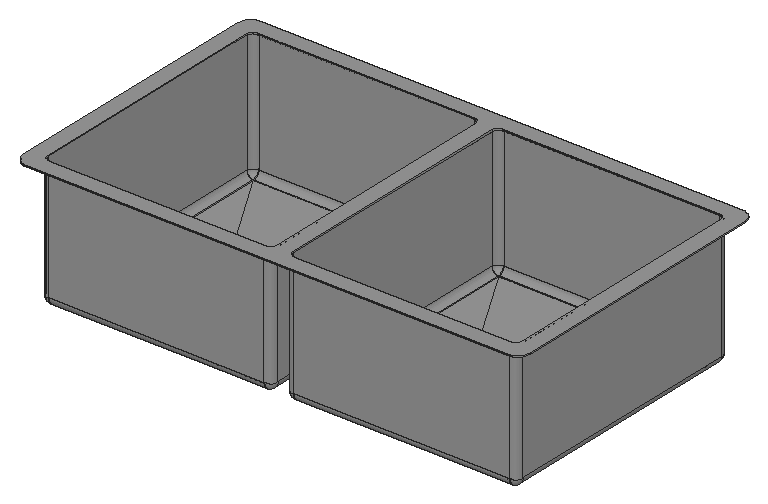
Revit family "BUILDMAT-SNA01013-Madison-775-Stainless-Steel", category Plumbing Fixtures, host Face, Revit 2020
Family settings
  Host = Face
  Round Connector Dimension = Use Diameter
  Part Type = Normal
  Cut with Voids When Loaded = No
  Shared = No
  Room Calculation Point = No
Parameters (values of type "Madison 775x450x205mm")
  Width 2 = 350.0 mm
  Width 1 = 350.0 mm
  Undermount [instance] = 20.0 mm
  URL = "https://www.buildmat.com.au/products/775x450-madison-double-bowl-sink"
  Sound Pad 2 = yes
  Sound Pad 1 = yes
  Model = "SNA01013"  # constant formula
  Manufacturer URL = "https://www.buildmat.com.au/"
  Manufacturer = "BUILDMAT"  # constant formula
  Length = 400.0 mm
  Gap = 25.0 mm
  Drain Sound Pad 2 = yes
  Drain Sound Pad 1 = yes
  Description = "BUILDMAT - Madison 775x450 Double Bowl Sink"  # constant formula
  Depth = 205.0 mm
  Default Elevation = 1200.0 mm
  D. S. Pad 2 = 230.0 mm
  D. S. Pad 1 = 230.0 mm
  D. Bracket 4 = 100.0 mm
  D. Bracket 3 = 25.0 mm
  D. Bracket 2 = 30.0 mm
  D. Bracket 1 = 100.0 mm
  Created By URL = "https://www.buildmat.com.au/"
  Created By = "BUILDMAT"  # constant formula
  Created = "22.06.2022"  # constant formula
  Bracket 4 = yes
  Bracket 3 = no
  Bracket 2 = yes
  Bracket 1 = yes
  Material = BUILDMAT Stainless Steel
Reference planes
  plane 1 "Center (Front/Back)": y = 0
  plane 2: z = 0
  plane 3 "Center (Left/Right)": x = 0
  plane 4: x = -12.5
  plane 5: x = 12.5
  plane 6: x = -362.5
  plane 7: x = 362.5
  plane 8: y = -200
  plane 9: y = 200
  plane 10: x = -387.5
  plane 11: x = 387.5
  plane 12: y = -225
  plane 13: y = 225
  plane 14: x = 187.5
  plane 15: x = -187.5
  plane 16: y = 190
  plane 17: y = -190
  plane 18: x = -352.5
  plane 19: x = -22.5
  plane 20: x = 22.5
  plane 21: x = 352.5
  plane 22: y = 201.5
  plane 23: y = -201.5
  plane 24: x = -364
  plane 25: x = -11
  plane 26: x = 11
  plane 27: x = 364
  plane 28: x = -244.5
  plane 29: x = -130.5
  plane 30: x = -142.5
  plane 31: x = -232.5
  plane 32: x = 130.5
  plane 33: x = 142.5
  plane 34: x = 232.5
  plane 35: x = 244.5
  plane 36 "Sound Pad 1": x = -132.5
  plane 37 "Sound Pad 2": x = 132.5
  plane 38 "Top Substrate": z = -20
  plane 39: z = -18.5
  plane 40 "Bottom Void": z = -225
  plane 41: z = -215
  plane 42: z = -205
  plane 43: z = -220
  plane 44: z = -221.481
  plane 45: z = -216.5
  plane 46 "Sound Pad": z = -125
  plane 47 "Bracket 1": x = -262.5
  plane 48 "Bracket 2": x = -42.5
  plane 49 "Bracket 3": x = 37.5
  plane 50 "Bracket 4": x = 262.5
  plane 51: y = 100
  plane 52: y = -100
  plane 53: x = -287.5
  plane 54: x = -87.5
  plane 55: x = 87.5
  plane 56: x = 287.5
  plane 57: z = -185
  plane 58: z = -165
Forms (mm)
  Extrusion 1, void
    sketch origin (0, 0, 0) x (1, 0, 0) y (0, 1, 0)
      loop
        arc (-352.5, 200) -> (-359.571, 197.071) -> (-362.5, 190) r 10
        line (-362.5, 190) -> (-362.5, -190)
        arc (-362.5, -190) -> (-359.571, -197.071) -> (-352.5, -200) r 10
        line (-352.5, -200) -> (352.5, -200)
        arc (352.5, -200) -> (359.571, -197.071) -> (362.5, -190) r 10
        line (362.5, -190) -> (362.5, 190)
        arc (362.5, 190) -> (359.571, 197.071) -> (352.5, 200) r 10
        line (352.5, 200) -> (-352.5, 200)
    from 0 to -18.5
  Extrusion 2, void
    sketch origin (0, 0, 0) x (1, 0, 0) y (0, 1, 0)
      loop
        arc (-367.5, 225) -> (-381.642, 219.142) -> (-387.5, 205) r 20
        line (-387.5, 205) -> (-387.5, -205)
        arc (-387.5, -205) -> (-381.642, -219.142) -> (-367.5, -225) r 20
        line (-367.5, -225) -> (367.5, -225)
        arc (367.5, -225) -> (381.642, -219.142) -> (387.5, -205) r 20
        line (387.5, -205) -> (387.5, 205)
        arc (387.5, 205) -> (381.642, 219.142) -> (367.5, 225) r 20
        line (367.5, 225) -> (-367.5, 225)
    from -20 to -18.5
  Extrusion 3, void
    sketch origin (0, 0, 0) x (1, 0, 0) y (0, 1, 0)
      loop
        line (-364, 201.5) -> (-364, -201.5) -> (364, -201.5) -> (364, 201.5) -> (-364, 201.5)
    from -225 to -20
  Extrusion 4, solid, material "BUILDMAT Stainless Steel" <- "Material"
    sketch origin (0, 0, -20) x (-1, 0, 0) y (0, -1, 0)
      loop
        arc (367.5, -225) -> (381.642, -219.142) -> (387.5, -205) r 20
        line (387.5, -205) -> (387.5, 205)
        arc (387.5, 205) -> (381.642, 219.142) -> (367.5, 225) r 20
        line (367.5, 225) -> (-367.5, 225)
        arc (-367.5, 225) -> (-381.642, 219.142) -> (-387.5, 205) r 20
        line (-387.5, 205) -> (-387.5, -205)
        arc (-387.5, -205) -> (-381.642, -219.142) -> (-367.5, -225) r 20
        line (-367.5, -225) -> (367.5, -225)
      loop
        arc (352.5, -200) -> (359.571, -197.071) -> (362.5, -190) r 10
        line (362.5, -190) -> (362.5, 190)
        arc (362.5, 190) -> (359.571, 197.071) -> (352.5, 200) r 10
        line (352.5, 200) -> (22.5, 200)
        arc (22.5, 200) -> (15.429, 197.071) -> (12.5, 190) r 10
        line (12.5, 190) -> (12.5, -190)
        arc (12.5, -190) -> (15.429, -197.071) -> (22.5, -200) r 10
        line (22.5, -200) -> (352.5, -200)
      loop
        line (-12.5, -190) -> (-12.5, 190)
        arc (-12.5, 190) -> (-15.429, 197.071) -> (-22.5, 200) r 10
        line (-22.5, 200) -> (-352.5, 200)
        arc (-352.5, 200) -> (-359.571, 197.071) -> (-362.5, 190) r 10
        line (-362.5, 190) -> (-362.5, -190)
        arc (-362.5, -190) -> (-359.571, -197.071) -> (-352.5, -200) r 10
        line (-352.5, -200) -> (-22.5, -200)
        arc (-22.5, -200) -> (-15.429, -197.071) -> (-12.5, -190) r 10
    from 0 to 1.5
  Extrusion 5, solid, material "BUILDMAT Stainless Steel" <- "Material"
    sketch origin (0, 0, -20) x (-1, 0, 0) y (0, -1, 0)
      loop
        arc (352.5, -200) -> (359.571, -197.071) -> (362.5, -190) r 10
        line (362.5, -190) -> (362.5, 190)
        arc (362.5, 190) -> (359.571, 197.071) -> (352.5, 200) r 10
        line (352.5, 200) -> (22.5, 200)
        arc (22.5, 200) -> (15.429, 197.071) -> (12.5, 190) r 10
        line (12.5, 190) -> (12.5, -190)
        arc (12.5, -190) -> (15.429, -197.071) -> (22.5, -200) r 10
        line (22.5, -200) -> (352.5, -200)
      loop
        arc (352.5, -201.5) -> (360.632, -198.132) -> (364, -190) r 11.5
        line (364, -190) -> (364, 190)
        arc (364, 190) -> (360.632, 198.132) -> (352.5, 201.5) r 11.5
        line (352.5, 201.5) -> (22.5, 201.5)
        arc (22.5, 201.5) -> (14.368, 198.132) -> (11, 190) r 11.5
        line (11, 190) -> (11, -190)
        arc (11, -190) -> (14.368, -198.132) -> (22.5, -201.5) r 11.5
        line (22.5, -201.5) -> (352.5, -201.5)
    from 0 to -185
  Extrusion 6, solid, material "BUILDMAT Stainless Steel" <- "Material"
    sketch origin (0, 0, -20) x (-1, 0, 0) y (0, -1, 0)
      loop
        arc (-22.5, -200) -> (-15.429, -197.071) -> (-12.5, -190) r 10
        line (-12.5, -190) -> (-12.5, 190)
        arc (-12.5, 190) -> (-15.429, 197.071) -> (-22.5, 200) r 10
        line (-22.5, 200) -> (-352.5, 200)
        arc (-352.5, 200) -> (-359.571, 197.071) -> (-362.5, 190) r 10
        line (-362.5, 190) -> (-362.5, -190)
        arc (-362.5, -190) -> (-359.571, -197.071) -> (-352.5, -200) r 10
        line (-352.5, -200) -> (-22.5, -200)
      loop
        line (-11, -190) -> (-11, 190)
        arc (-11, 190) -> (-14.368, 198.132) -> (-22.5, 201.5) r 11.5
        line (-22.5, 201.5) -> (-352.5, 201.5)
        arc (-352.5, 201.5) -> (-360.632, 198.132) -> (-364, 190) r 11.5
        line (-364, 190) -> (-364, -190)
        arc (-364, -190) -> (-360.632, -198.132) -> (-352.5, -201.5) r 11.5
        line (-352.5, -201.5) -> (-22.5, -201.5)
        arc (-22.5, -201.5) -> (-14.368, -198.132) -> (-11, -190) r 11.5
    from 0 to -185
  Extrusion 7, solid, material "BUILDMAT Stainless Steel" <- "Material"
    sketch origin (0, 0, 0) x (1, 0, 0) y (0, 0, 1)
      loop
        line (-362.5, -205) -> (-364, -205)
        arc (-364, -205) -> (-360.632, -213.132) -> (-352.5, -216.5) r 11.5
        line (-352.5, -216.5) -> (-352.5, -215)
        arc (-352.5, -215) -> (-359.571, -212.071) -> (-362.5, -205) r 10
    from -190 to 190
  Extrusion 8, solid, material "BUILDMAT Stainless Steel" <- "Material"
    sketch origin (0, 0, 0) x (1, 0, 0) y (0, 0, 1)
      loop
        arc (-12.5, -205) -> (-15.429, -212.071) -> (-22.5, -215) r 10
        line (-22.5, -215) -> (-22.5, -216.5)
        arc (-22.5, -216.5) -> (-14.368, -213.132) -> (-11, -205) r 11.5
        line (-11, -205) -> (-12.5, -205)
    from -190 to 190
  Extrusion 9, solid, material "BUILDMAT Stainless Steel" <- "Material"
    sketch origin (0, 0, 0) x (1, 0, 0) y (0, 0, 1)
      loop
        line (12.5, -205) -> (11, -205)
        arc (11, -205) -> (14.368, -213.132) -> (22.5, -216.5) r 11.5
        line (22.5, -216.5) -> (22.5, -215)
        arc (22.5, -215) -> (15.429, -212.071) -> (12.5, -205) r 10
    from -190 to 190
  Extrusion 10, solid, material "BUILDMAT Stainless Steel" <- "Material"
    sketch origin (0, 0, 0) x (1, 0, 0) y (0, 0, 1)
      loop
        arc (362.5, -205) -> (359.571, -212.071) -> (352.5, -215) r 10
        line (352.5, -215) -> (352.5, -216.5)
        arc (352.5, -216.5) -> (360.632, -213.132) -> (364, -205) r 11.5
        line (364, -205) -> (362.5, -205)
    from -190 to 190
  Extrusion 11, solid, material "BUILDMAT Stainless Steel" <- "Material"
    sketch origin (0, 0, 0) x (0, 1, 0) y (0, 0, 1)
      loop
        line (201.5, -205) -> (200, -205)
        arc (200, -205) -> (197.071, -212.071) -> (190, -215) r 10
        line (190, -215) -> (190, -216.5)
        arc (190, -216.5) -> (198.132, -213.132) -> (201.5, -205) r 11.5
    from 22.5 to 352.5
  Extrusion 12, solid, material "BUILDMAT Stainless Steel" <- "Material"
    sketch origin (0, 0, 0) x (0, 1, 0) y (0, 0, 1)
      loop
        line (-200, -205) -> (-201.5, -205)
        arc (-201.5, -205) -> (-198.132, -213.132) -> (-190, -216.5) r 11.5
        line (-190, -216.5) -> (-190, -215)
        arc (-190, -215) -> (-197.071, -212.071) -> (-200, -205) r 10
    from 22.5 to 352.5
  Extrusion 13, solid, material "BUILDMAT Stainless Steel" <- "Material"
    sketch origin (0, 0, 0) x (0, 1, 0) y (0, 0, 1)
      loop
        arc (200, -205) -> (197.071, -212.071) -> (190, -215) r 10
        line (190, -215) -> (190, -216.5)
        arc (190, -216.5) -> (198.132, -213.132) -> (201.5, -205) r 11.5
        line (201.5, -205) -> (200, -205)
    from -352.5 to -22.5
  Extrusion 14, solid, material "BUILDMAT Stainless Steel" <- "Material"
    sketch origin (0, 0, 0) x (0, 1, 0) y (0, 0, 1)
      loop
        line (-200, -205) -> (-201.5, -205)
        arc (-201.5, -205) -> (-198.132, -213.132) -> (-190, -216.5) r 11.5
        line (-190, -216.5) -> (-190, -215)
        arc (-190, -215) -> (-197.071, -212.071) -> (-200, -205) r 10
    from -352.5 to -22.5
  Revolve 15, solid, material "BUILDMAT Stainless Steel" <- "Material"
    sketch origin (-423.435, 190, 4000) x (-1, 0, 0) y (0, 0, 1)
      loop
        arc (-60.935, -4205) -> (-63.864, -4212.071) -> (-70.935, -4215) r 10
        line (-70.935, -4215) -> (-70.935, -4216.5)
        arc (-70.935, -4216.5) -> (-62.804, -4213.132) -> (-59.435, -4205) r 11.5
        line (-59.435, -4205) -> (-60.935, -4205)
      axis (-70.935, -4205) -> (-70.935, -4216.5)
    angle from -90 to 0
  Revolve 16, solid, material "BUILDMAT Stainless Steel" <- "Material"
    sketch origin (-423.435, 190, 4000) x (-1, 0, 0) y (0, 0, 1)
      loop
        line (-410.935, -4205) -> (-412.435, -4205)
        arc (-412.435, -4205) -> (-409.067, -4213.132) -> (-400.935, -4216.5) r 11.5
        line (-400.935, -4216.5) -> (-400.935, -4215)
        arc (-400.935, -4215) -> (-408.006, -4212.071) -> (-410.935, -4205) r 10
      axis (-400.935, -4205) -> (-400.935, -4216.5)
    angle from -90 to 0
  Revolve 17, solid, material "BUILDMAT Stainless Steel" <- "Material"
    sketch origin (-423.435, 190, 4000) x (-1, 0, 0) y (0, 0, 1)
      loop
        arc (-435.935, -4205) -> (-438.864, -4212.071) -> (-445.935, -4215) r 10
        line (-445.935, -4215) -> (-445.935, -4216.5)
        arc (-445.935, -4216.5) -> (-437.804, -4213.132) -> (-434.435, -4205) r 11.5
        line (-434.435, -4205) -> (-435.935, -4205)
      axis (-445.935, -4205) -> (-445.935, -4216.5)
    angle from -90 to 0
  Revolve 18, solid, material "BUILDMAT Stainless Steel" <- "Material"
    sketch origin (-423.435, 190, 4000) x (-1, 0, 0) y (0, 0, 1)
      loop
        line (-785.935, -4205) -> (-787.435, -4205)
        arc (-787.435, -4205) -> (-784.067, -4213.132) -> (-775.935, -4216.5) r 11.5
        line (-775.935, -4216.5) -> (-775.935, -4215)
        arc (-775.935, -4215) -> (-783.006, -4212.071) -> (-785.935, -4205) r 10
      axis (-775.935, -4205) -> (-775.935, -4216.5)
    angle from -90 to 0
  Revolve 19, solid, material "BUILDMAT Stainless Steel" <- "Material"
    sketch origin (-423.435, -190, 4000) x (-1, 0, 0) y (0, 0, 1)
      loop
        arc (-60.935, -4205) -> (-63.864, -4212.071) -> (-70.935, -4215) r 10
        line (-70.935, -4215) -> (-70.935, -4216.5)
        arc (-70.935, -4216.5) -> (-62.804, -4213.132) -> (-59.435, -4205) r 11.5
        line (-59.435, -4205) -> (-60.935, -4205)
      axis (-70.935, -4205) -> (-70.935, -4216.5)
    angle from 0 to 90
  Revolve 20, solid, material "BUILDMAT Stainless Steel" <- "Material"
    sketch origin (-423.435, -190, 4000) x (-1, 0, 0) y (0, 0, 1)
      loop
        arc (-412.435, -4205) -> (-409.067, -4213.132) -> (-400.935, -4216.5) r 11.5
        line (-400.935, -4216.5) -> (-400.935, -4215)
        arc (-400.935, -4215) -> (-408.006, -4212.071) -> (-410.935, -4205) r 10
        line (-410.935, -4205) -> (-412.435, -4205)
      axis (-400.935, -4205) -> (-400.935, -4216.5)
    angle from 0 to 90
  Revolve 21, solid, material "BUILDMAT Stainless Steel" <- "Material"
    sketch origin (-423.435, -190, 4000) x (-1, 0, 0) y (0, 0, 1)
      loop
        line (-434.435, -4205) -> (-435.935, -4205)
        arc (-435.935, -4205) -> (-438.864, -4212.071) -> (-445.935, -4215) r 10
        line (-445.935, -4215) -> (-445.935, -4216.5)
        arc (-445.935, -4216.5) -> (-437.804, -4213.132) -> (-434.435, -4205) r 11.5
      axis (-445.935, -4205) -> (-445.935, -4216.5)
    angle from 0 to 90
  Revolve 22, solid, material "BUILDMAT Stainless Steel" <- "Material"
    sketch origin (-423.435, -190, 4000) x (-1, 0, 0) y (0, 0, 1)
      loop
        arc (-787.435, -4205) -> (-784.067, -4213.132) -> (-775.935, -4216.5) r 11.5
        line (-775.935, -4216.5) -> (-775.935, -4215)
        arc (-775.935, -4215) -> (-783.006, -4212.071) -> (-785.935, -4205) r 10
        line (-785.935, -4205) -> (-787.435, -4205)
      axis (-775.935, -4205) -> (-775.935, -4216.5)
    angle from 0 to 90
  Extrusion 23, solid, material "BUILDMAT Stainless Steel" <- "Material"
    sketch origin (0, 0, -20) x (-1, 0, 0) y (0, -1, 0)
      loop
        line (22.5, -190) -> (352.5, -190) -> (352.5, 190) -> (22.5, 190) -> (22.5, -190)
    from -196.5 to -195
  Extrusion 24, solid, material "BUILDMAT Stainless Steel" <- "Material"
    sketch origin (0, 0, -20) x (-1, 0, 0) y (0, -1, 0)
      loop
        line (-22.5, -190) -> (-22.5, 190) -> (-352.5, 190) -> (-352.5, -190) -> (-22.5, -190)
    from -196.5 to -195
  Blend 25, solid, material "BUILDMAT Stainless Steel" <- "Material"
    base sketch origin (0, 0, -20) x (-1, 0, 0) y (0, -1, 0)
      loop
        circle (187.5, 0) r 57
    top sketch origin (0, 0, -20) x (-1, 0, 0) y (0, -1, 0)
      loop
        line (352.5, -190) -> (352.5, 190) -> (22.5, 190) -> (22.5, -190) -> (352.5, -190)
    from -201.481 to -196.5
  Blend 26, solid, material "BUILDMAT Stainless Steel" <- "Material"
    base sketch origin (0, 0, -20) x (-1, 0, 0) y (0, -1, 0)
      loop
        circle (-187.5, 0) r 57
    top sketch origin (0, 0, -20) x (-1, 0, 0) y (0, -1, 0)
      loop
        line (-22.5, -190) -> (-22.5, 190) -> (-352.5, 190) -> (-352.5, -190) -> (-22.5, -190)
    from -201.481 to -196.5
  Blend 27, void
    base sketch origin (0, 0, -20) x (-1, 0, 0) y (0, -1, 0)
      loop
        circle (187.5, 0) r 57
    top sketch origin (0, 0, -20) x (-1, 0, 0) y (0, -1, 0)
      loop
        line (352.5, -190) -> (352.5, 190) -> (22.5, 190) -> (22.5, -190) -> (352.5, -190)
    from -200 to -195
  Blend 28, void
    base sketch origin (0, 0, -20) x (-1, 0, 0) y (0, -1, 0)
      loop
        circle (-187.5, 0) r 57
    top sketch origin (0, 0, -20) x (-1, 0, 0) y (0, -1, 0)
      loop
        line (-22.5, -190) -> (-22.5, 190) -> (-352.5, 190) -> (-352.5, -190) -> (-22.5, -190)
    from -200 to -195
  Extrusion 29, void
    sketch origin (0, 0, -225) x (-1, 0, 0) y (0, -1, 0)
      loop
        circle (187.5, 0) r 57
    from 0 to 5
  Extrusion 30, void
    sketch origin (0, 0, -225) x (-1, 0, 0) y (0, -1, 0)
      loop
        circle (-187.5, 0) r 57
    from 0 to 5
  Revolve 31, solid, material "BUILDMAT Stainless Steel" <- "Material"
    sketch origin (0, 0, 0) x (1, 0, 0) y (0, 0, 1)
      loop
        spline (-244.5, -220) -> (-244.397, -220.653) -> (-244.091, -221.294) -> (-243.587, -221.913) -> (-242.892, -222.5) -> (-242.02, -223.044) -> (-240.985, -223.536) -> (-239.805, -223.967) -> (-238.5, -224.33) -> (-237.092, -224.619) -> (-235.606, -224.83) -> (-234.066, -224.957) -> (-232.5, -225)
        line (-232.5, -225) -> (-232.5, -223.5)
        spline (-232.5, -223.5) -> (-233.871, -223.47) -> (-235.218, -223.381) -> (-236.518, -223.234) -> (-237.75, -223.031) -> (-238.892, -222.777) -> (-239.925, -222.475) -> (-240.83, -222.131) -> (-241.593, -221.75) -> (-242.201, -221.339) -> (-242.642, -220.906) -> (-242.91, -220.457) -> (-243, -220)
        line (-243, -220) -> (-244.5, -220)
      axis (-187.5, -225) -> (-187.5, -220)
    angle from 0 to 360
  Revolve 32, solid, material "BUILDMAT Stainless Steel" <- "Material"
    sketch origin (0, 0, 0) x (1, 0, 0) y (0, 0, 1)
      loop
        line (244.5, -220) -> (243, -220)
        spline (243, -220) -> (242.91, -220.457) -> (242.642, -220.906) -> (242.201, -221.339) -> (241.593, -221.75) -> (240.83, -222.131) -> (239.925, -222.475) -> (238.892, -222.777) -> (237.75, -223.031) -> (236.518, -223.234) -> (235.218, -223.381) -> (233.871, -223.47) -> (232.5, -223.5)
        line (232.5, -223.5) -> (232.5, -225)
        spline (232.5, -225) -> (234.066, -224.957) -> (235.606, -224.83) -> (237.092, -224.619) -> (238.5, -224.33) -> (239.805, -223.967) -> (240.985, -223.536) -> (242.02, -223.044) -> (242.892, -222.5) -> (243.587, -221.913) -> (244.091, -221.294) -> (244.397, -220.653) -> (244.5, -220)
      axis (187.5, -220) -> (187.5, -225)
    angle from 0 to 360
Cuts and joins
  Blend 27, Extrusion 29 cuts Extrusion 23
  Blend 27, Extrusion 29 cuts Blend 25
  joined: Extrusion 23, Blend 25
  Blend 28, Extrusion 30 cuts Extrusion 24
  Blend 28, Extrusion 30 cuts Blend 26
  joined: Extrusion 24, Blend 26
Lines and regions (mm)
  Masking region 1
    outline origin (0, 0, 0) x (1, 0, 0) y (0, 0, 1)
      loop
        line (-362.5, -20) -> (-362.5, -205)
        arc (-362.5, -205) -> (-359.571, -212.071) -> (-352.5, -215) r 10
        line (-352.5, -215) -> (-244.5, -220) -> (-130.5, -220) -> (-22.5, -215)
        arc (-22.5, -215) -> (-15.429, -212.071) -> (-12.5, -205) r 10
        line (-12.5, -205) -> (-12.5, -20) -> (-362.5, -20)
  Masking region 2
    outline origin (0, 0, 0) x (1, 0, 0) y (0, 0, 1)
      loop
        line (12.5, -20) -> (12.5, -205)
        arc (12.5, -205) -> (15.109, -211.736) -> (21.576, -214.957) r 10
        line (21.576, -214.957) -> (130.5, -220) -> (244.5, -220) -> (352.5, -215)
        arc (352.5, -215) -> (359.571, -212.071) -> (362.5, -205) r 10
        line (362.5, -205) -> (362.5, -20) -> (12.5, -20)
  Masking region 3, visible <- "Drain Sound Pad 1"
    outline origin (0, 0, 0) x (1, 0, 0) y (0, 0, 1)
      loop
        line (-244.5, -221.481) -> (-287.5, -219.498) -> (-287.5, -225) -> (-244.5, -225) -> (-244.5, -221.481)
  Masking region 4, visible <- "Drain Sound Pad 1"
    outline origin (0, 0, 0) x (1, 0, 0) y (0, 0, 1)
      loop
        line (-130.5, -221.481) -> (-130.5, -225) -> (-87.5, -225) -> (-87.5, -219.498) -> (-130.5, -221.481)
  Masking region 5, visible <- "Drain Sound Pad 2"
    outline origin (0, 0, 0) x (1, 0, 0) y (0, 0, 1)
      loop
        line (87.5, -219.498) -> (87.5, -225) -> (130.5, -225) -> (130.5, -221.481) -> (87.5, -219.498)
  Masking region 6, visible <- "Drain Sound Pad 2"
    outline origin (0, 0, 0) x (1, 0, 0) y (0, 0, 1)
      loop
        line (287.5, -219.498) -> (244.5, -221.481) -> (244.5, -225) -> (287.5, -225) -> (287.5, -219.498)
  Masking region 7
    outline origin (0, 0, 0) x (1, 0, 0) y (0, 0, 1)
      loop
        line (-11, -165) -> (-11, -185) -> (11, -185) -> (11, -165) -> (-11, -165)
Text (mm)
  text "Refer to www.buildmat.com.au for the most current product literature. \nAllow a +/- 5mm tolerance for dimensions shown in the product literature. \nPlease note product details are subject to change due to ongoing product development." at (0.056, -1035.857, 0), in view "Ref. Level"
Dimensions and locks
  equal spacing: plane 4, plane 3 "Center (Left/Right)", plane 5
  "Gap": plane 4 to plane 5
  "Width 1": plane 6 to plane 4
  "Width 2": plane 5 to plane 7
  equal spacing: plane 9, plane 1 "Center (Front/Back)", plane 8
  "Length": plane 8 to plane 9
  locked: plane 10 to plane 6 at 25
  locked: plane 7 to plane 11 at 25
  locked: plane 13 to plane 9 at 25
  locked: plane 8 to plane 12 at 25
  equal spacing: plane 5, plane 14, plane 7
  equal spacing: plane 6, plane 15, plane 4
  locked: plane 9 to plane 16 at 10
  locked: plane 17 to plane 8 at 10
  locked: plane 6 to plane 18 at 10
  locked: plane 19 to plane 4 at 10
  locked: plane 5 to plane 20 at 10
  locked: plane 21 to plane 7 at 10
  locked: plane 8 to plane 23 at 1.5
  locked: plane 22 to plane 9 at 1.5
  locked: plane 24 to plane 6 at 1.5
  locked: plane 4 to plane 25 at 1.5
  locked: plane 26 to plane 5 at 1.5
  locked: plane 7 to plane 27 at 1.5
  plane 28 to plane 15 to plane 29 = 57.0 mm locked, 57.0 mm locked
  plane 31 to plane 15 to plane 30 = 45.0 mm locked, 45.0 mm locked
  plane 32 to plane 14 to plane 35 = 57.0 mm locked, 57.0 mm locked
  plane 33 to plane 14 to plane 34 = 45.0 mm locked, 45.0 mm locked
  locked: plane 39 to plane 38 "Top Substrate" at 1.5
  plane 42 to plane 41 to plane 40 "Bottom Void" = 10.0 mm locked, 10.0 mm locked
  locked: plane 43 to plane 40 "Bottom Void" at 5
  locked: plane 43 to plane 44 at 1.481
  locked: plane 41 to plane 45 at 1.5
  locked: plane 46 "Sound Pad" to plane 40 "Bottom Void" at 100
  "Depth": plane 38 "Top Substrate" to plane 40 "Bottom Void"
  "Undermount": plane 2 to plane 38 "Top Substrate"
  "D. S. Pad 1": plane 36 "Sound Pad 1" to plane 6
  "D. S. Pad 2": plane 7 to plane 37 "Sound Pad 2"
  "D. Bracket 1": plane 47 "Bracket 1" to plane 6
  "D. Bracket 2": plane 4 to plane 48 "Bracket 2"
  "D. Bracket 3": plane 49 "Bracket 3" to plane 5
  "D. Bracket 4": plane 7 to plane 50 "Bracket 4"
  locked: plane 9 to plane 51 at 100
  locked: plane 52 to plane 8 at 100
  plane 54 to plane 15 to plane 53 = 100.0 mm locked, 100.0 mm locked
  plane 56 to plane 14 to plane 55 = 100.0 mm locked, 100.0 mm locked
  plane 58 to plane 57 to plane 42 = 20.0 mm locked, 20.0 mm locked
  aligned and locked: plane 2 to host face
  aligned and locked: level to host face
  aligned and locked: Extrusion 1 sketch curve to plane 9
  aligned and locked: Extrusion 1 sketch curve to plane 6
  aligned and locked: Extrusion 1 sketch curve to plane 7
  aligned and locked: Extrusion 1 sketch curve to plane 8
  aligned and locked: Extrusion 1 to level
  aligned and locked: Extrusion 1 to plane 39
  aligned and locked: Extrusion 2 sketch curve to plane 13
  aligned and locked: Extrusion 2 sketch curve to plane 10
  aligned and locked: Extrusion 2 sketch curve to plane 11
  aligned and locked: Extrusion 2 sketch curve to plane 12
  aligned and locked: Extrusion 2 to plane 38 "Top Substrate"
  aligned and locked: Extrusion 2 to plane 39
  aligned and locked: Extrusion 3 sketch curve to plane 22
  aligned and locked: Extrusion 3 sketch curve to plane 24
  aligned and locked: Extrusion 3 sketch curve to plane 27
  aligned and locked: Extrusion 3 sketch curve to plane 23
  aligned and locked: Extrusion 3 to plane 40 "Bottom Void"
  aligned and locked: plane 38 "Top Substrate" to Extrusion 3
  aligned and locked: Extrusion 4 sketch curve to plane 13
  aligned and locked: Extrusion 4 sketch curve to plane 10
  aligned and locked: Extrusion 4 sketch curve to plane 11
  aligned and locked: Extrusion 4 sketch curve to plane 12
  aligned and locked: Extrusion 4 sketch curve to plane 9  (x2)
  aligned and locked: Extrusion 4 sketch curve to plane 6
  aligned and locked: Extrusion 4 sketch curve to plane 8  (x2)
  aligned and locked: Extrusion 4 sketch curve to plane 4
  aligned and locked: Extrusion 4 sketch curve to plane 5
  aligned and locked: Extrusion 4 sketch curve to plane 7
  aligned and locked: Extrusion 4 to plane 38 "Top Substrate"
  aligned and locked: Extrusion 4 to plane 39
  aligned and locked: Extrusion 5 sketch curve to plane 9
  aligned and locked: Extrusion 5 sketch curve to plane 22
  aligned and locked: Extrusion 5 sketch curve to plane 6
  aligned and locked: Extrusion 5 sketch curve to plane 24
  aligned and locked: Extrusion 5 sketch curve to plane 25
  aligned and locked: Extrusion 5 sketch curve to plane 4
  aligned and locked: Extrusion 5 sketch curve to plane 23
  aligned and locked: Extrusion 5 sketch curve to plane 8
  aligned and locked: Extrusion 5 to plane 42
  aligned and locked: plane 38 "Top Substrate" to Extrusion 5
  aligned and locked: Extrusion 6 sketch curve to plane 9
  aligned and locked: Extrusion 6 sketch curve to plane 7
  aligned and locked: Extrusion 6 sketch curve to plane 8
  aligned and locked: Extrusion 6 sketch curve to plane 5
  aligned and locked: Extrusion 6 sketch curve to plane 26
  aligned and locked: Extrusion 6 sketch curve to plane 27
  aligned and locked: Extrusion 6 sketch curve to plane 22
  aligned and locked: Extrusion 6 sketch curve to plane 23
  aligned and locked: Extrusion 6 to plane 42
  aligned and locked: plane 38 "Top Substrate" to Extrusion 6
  aligned and locked: Extrusion 7 sketch curve to plane 42
  aligned and locked: Extrusion 7 sketch curve to plane 18
  aligned and locked: Extrusion 8 sketch curve to plane 42
  aligned and locked: Extrusion 8 sketch curve to plane 19
  aligned and locked: Extrusion 9 sketch curve to plane 42
  aligned and locked: Extrusion 9 sketch curve to plane 20
  aligned and locked: Extrusion 10 sketch curve to plane 21
  aligned and locked: plane 42 to Extrusion 10 sketch curve
  aligned and locked: plane 16 to Extrusion 10
  aligned and locked: plane 16 to Extrusion 9
  aligned and locked: plane 16 to Extrusion 8
  aligned and locked: plane 16 to Extrusion 7
  aligned and locked: Extrusion 10 to plane 17
  aligned and locked: Extrusion 9 to plane 17
  aligned and locked: Extrusion 8 to plane 17
  aligned and locked: Extrusion 7 to plane 17
  aligned and locked: plane 42 to Extrusion 11 sketch curve
  aligned and locked: plane 16 to Extrusion 11 sketch curve
  aligned and locked: plane 17 to Extrusion 12 sketch curve
  aligned and locked: plane 42 to Extrusion 12 sketch curve
  aligned and locked: plane 21 to Extrusion 11
  aligned and locked: plane 21 to Extrusion 12
  aligned and locked: Extrusion 11 to plane 20
  aligned and locked: Extrusion 12 to plane 20
  aligned and locked: plane 16 to Extrusion 13 sketch curve
  aligned and locked: plane 42 to Extrusion 13 sketch curve
  aligned and locked: plane 17 to Extrusion 14 sketch curve
  aligned and locked: plane 42 to Extrusion 14 sketch curve
  aligned and locked: Extrusion 14 to plane 18
  aligned and locked: plane 19 to Extrusion 14
  aligned and locked: Extrusion 13 to plane 18
  aligned and locked: plane 19 to Extrusion 13
  aligned and locked: Revolve 15 sketch curve to plane 18
  aligned and locked: plane 42 to Revolve 15 sketch curve
  aligned and locked: plane 18 to Revolve 15 sketch curve
  aligned and locked: plane 18 to Revolve 15
  aligned and locked: plane 16 to Revolve 15
  aligned and locked: Revolve 16 sketch curve to plane 19
  aligned and locked: plane 19 to Revolve 16 sketch curve
  aligned and locked: plane 42 to Revolve 16 sketch curve
  aligned and locked: Revolve 16 to plane 19
  aligned and locked: plane 16 to Revolve 16
  aligned and locked: Revolve 17 sketch curve to plane 20
  aligned and locked: plane 42 to Revolve 17 sketch curve
  aligned and locked: plane 20 to Revolve 17 sketch curve
  aligned and locked: plane 20 to Revolve 17
  aligned and locked: plane 16 to Revolve 17
  aligned and locked: Revolve 18 sketch curve to plane 21
  aligned and locked: plane 21 to Revolve 18 sketch curve
  aligned and locked: plane 42 to Revolve 18 sketch curve
  aligned and locked: Revolve 18 to plane 21
  aligned and locked: Revolve 18 to plane 16
  aligned and locked: Revolve 19 sketch curve to plane 18
  aligned and locked: plane 42 to Revolve 19 sketch curve
  aligned and locked: plane 18 to Revolve 19 sketch curve
  aligned and locked: Revolve 19 to plane 18
  aligned and locked: plane 17 to Revolve 19
  aligned and locked: Revolve 20 sketch curve to plane 19
  aligned and locked: plane 42 to Revolve 20 sketch curve
  aligned and locked: plane 19 to Revolve 20 sketch curve
  aligned and locked: plane 19 to Revolve 20
  aligned and locked: plane 17 to Revolve 20
  aligned and locked: Revolve 21 sketch curve to plane 20
  aligned and locked: plane 42 to Revolve 21 sketch curve
  aligned and locked: plane 20 to Revolve 21 sketch curve
  aligned and locked: Revolve 21 to plane 20
  aligned and locked: plane 17 to Revolve 21
  aligned and locked: Revolve 22 sketch curve to plane 21
  aligned and locked: plane 42 to Revolve 22 sketch curve
  aligned and locked: plane 21 to Revolve 22 sketch curve
  aligned and locked: Revolve 22 to plane 17
  aligned and locked: plane 21 to Revolve 22
  aligned and locked: Extrusion 23 sketch curve to plane 19
  aligned and locked: Extrusion 23 sketch curve to plane 18
  aligned and locked: Extrusion 23 sketch curve to plane 16
  aligned and locked: Extrusion 23 sketch curve to plane 17
  aligned and locked: Extrusion 23 to plane 45
  aligned and locked: plane 41 to Extrusion 23
  aligned and locked: Extrusion 24 sketch curve to plane 16
  aligned and locked: Extrusion 24 sketch curve to plane 17
  aligned and locked: Extrusion 24 sketch curve to plane 21
  aligned and locked: Extrusion 24 sketch curve to plane 20
  aligned and locked: Extrusion 24 to plane 45
  aligned and locked: Extrusion 24 to plane 41
  aligned and locked: plane 44 to Blend 25
  aligned and locked: plane 45 to Blend 25
  aligned and locked: plane 44 to Blend 26
  aligned and locked: Blend 26 to plane 45
  aligned and locked: Blend 25 sketch curve to plane 16
  aligned and locked: Blend 25 sketch curve to plane 17
  aligned and locked: Blend 25 sketch curve to plane 18
  aligned and locked: Blend 25 sketch curve to plane 19
  aligned and locked: Blend 26 sketch curve to plane 16
  aligned and locked: Blend 26 sketch curve to plane 17
  aligned and locked: Blend 26 sketch curve to plane 21
  aligned and locked: Blend 26 sketch curve to plane 20
  aligned and locked: Blend 27 sketch curve to plane 16
  aligned and locked: Blend 27 sketch curve to plane 17
  aligned and locked: Blend 27 sketch curve to plane 18
  aligned and locked: Blend 27 sketch curve to plane 19
  aligned and locked: Blend 27 to plane 43
  aligned and locked: plane 41 to Blend 27
  aligned and locked: Blend 28 sketch curve to plane 16
  aligned and locked: Blend 28 sketch curve to plane 17
  aligned and locked: Blend 28 sketch curve to plane 21
  aligned and locked: Blend 28 sketch curve to plane 20
  aligned and locked: Blend 28 to plane 43
  aligned and locked: Blend 28 to plane 41
  aligned and locked: Extrusion 29 to plane 40 "Bottom Void"
  aligned and locked: plane 43 to Extrusion 29
  aligned and locked: Extrusion 30 to plane 40 "Bottom Void"
  aligned and locked: plane 43 to Extrusion 30
  aligned and locked: plane 15 to Revolve 31 sketch curve
  aligned and locked: Revolve 31 sketch curve to plane 43
  aligned and locked: plane 31 to Revolve 31 sketch curve
  aligned and locked: Revolve 32 sketch curve to plane 14
  aligned and locked: plane 34 to Revolve 32 sketch curve
  aligned and locked: plane 43 to Revolve 32 sketch curve
  aligned and locked: plane 18 to nested 1
  aligned and locked: plane 19 to nested 1
  aligned and locked: plane 17 to nested 1
  aligned and locked: plane 16 to nested 1
  aligned and locked: plane 20 to nested 2
  aligned and locked: plane 21 to nested 2
  aligned and locked: nested 2 to plane 17
  aligned and locked: nested 2 to plane 16
  aligned and locked: plane 14 to nested 4
  aligned and locked: plane 15 to nested 3
  aligned and locked: plane 1 "Center (Front/Back)" to nested 3
  aligned and locked: plane 1 "Center (Front/Back)" to nested 4
  aligned and locked: plane 51 to nested 5
  aligned and locked: plane 24 to nested 5
  aligned and locked: plane 52 to nested 6
  aligned and locked: plane 24 to nested 6
  aligned and locked: plane 51 to nested 7
  aligned and locked: plane 52 to nested 8
  aligned and locked: nested 8 to plane 27
  aligned and locked: nested 7 to plane 27
  aligned and locked: nested 13 to plane 47 "Bracket 1"
  aligned and locked: nested 14 to plane 48 "Bracket 2"
  aligned and locked: plane 23 to nested 13
  aligned and locked: plane 23 to nested 14
  aligned and locked: nested 15 to plane 49 "Bracket 3"
  aligned and locked: plane 23 to nested 15
  aligned and locked: nested 16 to plane 50 "Bracket 4"
  aligned and locked: nested 16 to plane 23
  aligned and locked: plane 47 "Bracket 1" to nested 9
  aligned and locked: nested 9 to plane 22
  aligned and locked: plane 48 "Bracket 2" to nested 10
  aligned and locked: nested 10 to plane 22
  aligned and locked: plane 49 "Bracket 3" to nested 11
  aligned and locked: plane 50 "Bracket 4" to nested 12
  aligned and locked: plane 22 to nested 12
  aligned and locked: nested 11 to plane 22
  aligned and locked: Masking region 1 sketch curve to plane 38 "Top Substrate"
  aligned and locked: Masking region 1 sketch curve to plane 6
  aligned and locked: Masking region 1 sketch curve to plane 4
  aligned and locked: Masking region 1 sketch curve to Extrusion 7
  aligned and locked: Masking region 1 sketch curve to Extrusion 8
  aligned and locked: Masking region 1 sketch curve to plane 43
  aligned and locked: Masking region 1 sketch curve to cut or joined group of Extrusion 23, Blend 25, Blend 27, Extrusion 29  (x2)
  aligned and locked: Masking region 2 sketch curve to plane 38 "Top Substrate"
  aligned and locked: Masking region 2 sketch curve to plane 43
  aligned and locked: Masking region 2 sketch curve to plane 7
  aligned and locked: Masking region 2 sketch curve to plane 5
  aligned and locked: Masking region 2 sketch curve to Extrusion 9
  aligned and locked: Masking region 2 sketch curve to cut or joined group of Extrusion 24, Blend 26, Blend 28, Extrusion 30  (x2)
  aligned and locked: Masking region 2 sketch curve to Extrusion 10
  aligned and locked: nested 17 to plane 38 "Top Substrate"
  aligned and locked: plane 47 "Bracket 1" to nested 17
  aligned and locked: nested 18 to plane 38 "Top Substrate"
  aligned and locked: plane 48 "Bracket 2" to nested 18
  aligned and locked: nested 20 to plane 38 "Top Substrate"
  aligned and locked: plane 50 "Bracket 4" to nested 20
  aligned and locked: nested 19 to plane 38 "Top Substrate"
  aligned and locked: plane 49 "Bracket 3" to nested 19
  aligned and locked: nested 21 to plane 46 "Sound Pad"
  aligned and locked: plane 36 "Sound Pad 1" to nested 21
  aligned and locked: nested 22 to plane 46 "Sound Pad"
  aligned and locked: plane 37 "Sound Pad 2" to nested 22
  aligned and locked: Masking region 3 sketch curve to plane 28
  aligned and locked: cut or joined group of Extrusion 23, Blend 25, Blend 27, Extrusion 29 to Masking region 3 sketch curve
  aligned and locked: Masking region 3 sketch curve to plane 40 "Bottom Void"
  aligned and locked: Masking region 3 sketch curve to plane 53
  aligned and locked: Masking region 4 sketch curve to plane 29
  aligned and locked: Masking region 4 sketch curve to plane 54
  aligned and locked: Masking region 4 sketch curve to plane 40 "Bottom Void"
  aligned and locked: Masking region 4 sketch curve to cut or joined group of Extrusion 23, Blend 25, Blend 27, Extrusion 29
  aligned and locked: cut or joined group of Extrusion 24, Blend 26, Blend 28, Extrusion 30 to Masking region 5 sketch curve
  aligned and locked: Masking region 5 sketch curve to plane 55
  aligned and locked: Masking region 5 sketch curve to plane 32
  aligned and locked: Masking region 5 sketch curve to plane 40 "Bottom Void"
  aligned and locked: Masking region 6 sketch curve to plane 56
  aligned and locked: Masking region 6 sketch curve to plane 35
  aligned and locked: Masking region 6 sketch curve to cut or joined group of Extrusion 24, Blend 26, Blend 28, Extrusion 30
  aligned and locked: Masking region 6 sketch curve to plane 40 "Bottom Void"
  aligned and locked: Masking region 7 sketch curve to plane 58
  aligned and locked: Masking region 7 sketch curve to plane 57
  aligned and locked: Masking region 7 sketch curve to plane 25
  aligned and locked: Masking region 7 sketch curve to plane 26
Automatic sketch dimensions
  host sketch curve to host sketch curve = 2438.4 mm  (x2)
  Extrusion 1 sketch curve to plane 17 = 0.0 mm
  Extrusion 1 sketch curve to plane 18 = 0.0 mm
  Extrusion 1 sketch curve to plane 21 = 0.0 mm
  Extrusion 1 sketch curve to plane 16 = 0.0 mm
  Extrusion 2 sketch curve to plane 24 = 3.5 mm
  Extrusion 2 sketch curve to plane 23 = 3.5 mm
  plane 22 to Extrusion 2 sketch curve = 3.5 mm
  plane 27 to Extrusion 2 sketch curve = 3.5 mm
  Extrusion 4 sketch curve to plane 21 = 0.0 mm
  Extrusion 4 sketch curve to plane 16 = 0.0 mm  (x2)
  Extrusion 4 sketch curve to plane 20 = 0.0 mm
  Extrusion 4 sketch curve to plane 19 = 0.0 mm  (x2)
  Extrusion 4 sketch curve to plane 18 = 0.0 mm  (x2)
  plane 27 to Extrusion 4 sketch curve = 3.5 mm  (x2)
  Extrusion 4 sketch curve to plane 24 = 3.5 mm
  plane 22 to Extrusion 4 sketch curve = 3.5 mm
  Extrusion 5 sketch curve to plane 19 = 0.0 mm
  Extrusion 5 sketch curve to plane 18 = 0.0 mm  (x2)
  Extrusion 5 sketch curve to plane 17 = 0.0 mm
  Extrusion 5 sketch curve to Extrusion 5 sketch curve = 0.0 mm  (x4)
  Extrusion 6 sketch curve to plane 21 = 0.0 mm
  Extrusion 6 sketch curve to plane 20 = 0.0 mm  (x2)
  Extrusion 6 sketch curve to plane 16 = 0.0 mm
  Extrusion 6 sketch curve to Extrusion 6 sketch curve = 0.0 mm  (x4)
  Extrusion 7 sketch curve to plane 6 = 0.0 mm
  Extrusion 7 sketch curve to plane 45 = 0.0 mm
  Extrusion 8 sketch curve to plane 4 = 0.0 mm
  Extrusion 8 sketch curve to plane 45 = 0.0 mm
  Extrusion 9 sketch curve to plane 5 = 0.0 mm
  Extrusion 9 sketch curve to plane 45 = 0.0 mm
  Extrusion 10 sketch curve to plane 7 = 0.0 mm
  Extrusion 10 sketch curve to plane 45 = 0.0 mm
  Extrusion 11 sketch curve to plane 9 = 0.0 mm
  Extrusion 11 sketch curve to plane 45 = 0.0 mm
  Extrusion 12 sketch curve to plane 8 = 0.0 mm
  Extrusion 12 sketch curve to plane 45 = 0.0 mm
  Extrusion 13 sketch curve to plane 9 = 0.0 mm
  Extrusion 13 sketch curve to plane 45 = 0.0 mm
  Extrusion 14 sketch curve to plane 8 = 0.0 mm
  Extrusion 14 sketch curve to plane 45 = 0.0 mm
  Revolve 15 sketch curve to plane 6 = 0.0 mm
  Revolve 15 sketch curve to plane 45 = 0.0 mm  (x2)
  Revolve 15 sketch curve to plane 42 = 0.0 mm
  Revolve 16 sketch curve to plane 4 = 0.0 mm
  Revolve 16 sketch curve to plane 45 = 0.0 mm  (x2)
  Revolve 16 sketch curve to plane 42 = 0.0 mm
  Revolve 17 sketch curve to plane 5 = 0.0 mm
  Revolve 17 sketch curve to plane 45 = 0.0 mm  (x2)
  Revolve 17 sketch curve to plane 42 = 0.0 mm
  Revolve 18 sketch curve to plane 7 = 0.0 mm
  Revolve 18 sketch curve to plane 45 = 0.0 mm  (x2)
  Revolve 18 sketch curve to plane 42 = 0.0 mm
  Revolve 19 sketch curve to plane 6 = 0.0 mm
  Revolve 19 sketch curve to plane 45 = 0.0 mm  (x2)
  Revolve 19 sketch curve to plane 42 = 0.0 mm
  Revolve 20 sketch curve to plane 4 = 0.0 mm
  Revolve 20 sketch curve to plane 45 = 0.0 mm  (x2)
  Revolve 20 sketch curve to plane 42 = 0.0 mm
  Revolve 21 sketch curve to plane 5 = 0.0 mm
  Revolve 21 sketch curve to plane 45 = 0.0 mm  (x2)
  Revolve 21 sketch curve to plane 42 = 0.0 mm
  Revolve 22 sketch curve to plane 7 = 0.0 mm
  Revolve 22 sketch curve to plane 45 = 0.0 mm  (x2)
  Revolve 22 sketch curve to plane 42 = 0.0 mm
  plane 1 "Center (Front/Back)" to Blend 25 sketch curve = 0.0 mm
  Blend 25 sketch curve to plane 15 = 0.0 mm
  plane 1 "Center (Front/Back)" to Blend 26 sketch curve = 0.0 mm
  Blend 26 sketch curve to plane 14 = 0.0 mm
  plane 1 "Center (Front/Back)" to Blend 27 sketch curve = 0.0 mm
  Blend 27 sketch curve to plane 15 = 0.0 mm
  plane 1 "Center (Front/Back)" to Blend 28 sketch curve = 0.0 mm
  Blend 28 sketch curve to plane 14 = 0.0 mm
  plane 1 "Center (Front/Back)" to Extrusion 29 sketch curve = 0.0 mm
  Extrusion 29 sketch curve to plane 15 = 0.0 mm
  plane 1 "Center (Front/Back)" to Extrusion 30 sketch curve = 0.0 mm
  Extrusion 30 sketch curve to plane 14 = 0.0 mm
  Revolve 31 sketch curve to plane 28 = 0.0 mm
  Revolve 31 sketch curve to plane 40 "Bottom Void" = 0.0 mm
  Revolve 31 sketch curve to plane 42 = 0.0 mm
  plane 28 to Revolve 31 sketch curve = 1.5 mm
  Revolve 31 sketch curve to Revolve 31 sketch curve = 1.5 mm
  plane 40 "Bottom Void" to Revolve 31 sketch curve = 0.0 mm
  Revolve 32 sketch curve to plane 35 = 0.0 mm
  Revolve 32 sketch curve to plane 40 "Bottom Void" = 0.0 mm
  Revolve 32 sketch curve to plane 42 = 0.0 mm
  Revolve 32 sketch curve to Revolve 32 sketch curve = 1.5 mm  (x2)
  plane 40 "Bottom Void" to Revolve 32 sketch curve = 0.0 mm
  radius of Blend 25 sketch curve = 57.0 mm
  radius of Blend 26 sketch curve = 57.0 mm
  radius of Blend 27 sketch curve = 57.0 mm
  radius of Blend 28 sketch curve = 57.0 mm
  radius of Extrusion 29 sketch curve = 57.0 mm
  radius of Extrusion 30 sketch curve = 57.0 mm
Nested families
  nested 1: "BOWL Plan" at (-187.5, 0, -125), type "BOWL Plan"
    with Width 330.0 mm, Lenght 380.0 mm
  nested 2: "BOWL Plan" at (187.5, 0, -125), type "BOWL Plan"
    with Width 330.0 mm, Lenght 380.0 mm
  nested 3: "DRAIN" at (-187.5, 0, -20), type "DRAIN"
  nested 4: "DRAIN" at (187.5, 0, -20), type "DRAIN"
  nested 5: "TMB_Plan" at (-364, 100, -225) x (0, 1, 0) z (0, 0, 1), type "TMB_Plan"
  nested 6: "TMB_Plan" at (-364, -100, -225) x (0, 1, 0) z (0, 0, 1), type "TMB_Plan"
  nested 7: "TMB_Plan" at (364, 100, -225) x (0, -1, 0) z (0, 0, 1), type "TMB_Plan"
  nested 8: "TMB_Plan" at (364, -100, -225) x (0, -1, 0) z (0, 0, 1), type "TMB_Plan"
  nested 9: "TMB_Plan" at (-262.5, 201.5, -225), visible <- "Bracket 1", type "TMB_Plan"
  nested 10: "TMB_Plan" at (-42.5, 201.5, -225), visible <- "Bracket 2", type "TMB_Plan"
  nested 11: "TMB_Plan" at (37.5, 201.5, -225), visible <- "Bracket 3", type "TMB_Plan"
  nested 12: "TMB_Plan" at (262.5, 201.5, -225), visible <- "Bracket 4", type "TMB_Plan"
  nested 13: "TMB_Plan" at (-262.5, -201.5, -225) x (-1, 0, 0) z (0, 0, 1), visible <- "Bracket 1", type "TMB_Plan"
  nested 14: "TMB_Plan" at (-42.5, -201.5, -225) x (-1, 0, 0) z (0, 0, 1), visible <- "Bracket 2", type "TMB_Plan"
  nested 15: "TMB_Plan" at (37.5, -201.5, -225) x (-1, 0, 0) z (0, 0, 1), visible <- "Bracket 3", type "TMB_Plan"
  nested 16: "TMB_Plan" at (262.5, -201.5, -225) x (-1, 0, 0) z (0, 0, 1), visible <- "Bracket 4", type "TMB_Plan"
  nested 17: "TMB_Front" at (-262.5, 0, -20) x (1, 0, 0) z (0, -1, 0), visible <- "Bracket 1", type "TMB_Front"
  nested 18: "TMB_Front" at (-42.5, 0, -20) x (1, 0, 0) z (0, -1, 0), visible <- "Bracket 2", type "TMB_Front"
  nested 19: "TMB_Front" at (37.5, 0, -20) x (1, 0, 0) z (0, -1, 0), visible <- "Bracket 3", type "TMB_Front"
  nested 20: "TMB_Front" at (262.5, 0, -20) x (1, 0, 0) z (0, -1, 0), visible <- "Bracket 4", type "TMB_Front"
  nested 21: "SP_Front" at (-132.5, 0, -125) x (1, 0, 0) z (0, -1, 0), visible <- "Sound Pad 1", type "SP_Front"
  nested 22: "SP_Front" at (132.5, 0, -125) x (1, 0, 0) z (0, -1, 0), visible <- "Sound Pad 2", type "SP_Front"
Definition of nested family "BOWL Plan"
  Parameters (values of type "BOWL Plan")
    Width [instance] = 600.0 mm
    Lenght [instance] = 400.0 mm
  Reference planes
    plane 1 "Center (Front/Back)": y = 0
    plane 2: z = 0
    plane 3 "Center (Left/Right)": x = 0
    plane 4 "Left": x = -300
    plane 5 "Right": x = 300
    plane 6 "Back": y = 200
    plane 7 "Front": y = -200
  Lines and regions (mm)
    Masking region 1, in view "Ref. Level"
      outline origin (0, 0, 0) x (1, 0, 0) y (0, 1, 0)
        loop
          line (-300, 200) -> (-300, -200) -> (300, -200) -> (300, 200) -> (-300, 200)
    detail lines, in view "Ref. Level"
      curve 1: line (-300, 200, 0) -> (300, -200, 0)
      curve 2: line (-300, -200, 0) -> (300, 200, 0)
  Dimensions and locks
    equal spacing: plane 6 "Back", plane 1 "Center (Front/Back)", plane 7 "Front"
    "Lenght": plane 6 "Back" to plane 7 "Front"
    equal spacing: plane 4 "Left", plane 3 "Center (Left/Right)", plane 5 "Right"
    "Width": plane 4 "Left" to plane 5 "Right"
    aligned and locked: plane 4 "Left" to Masking region 1 sketch curve
    aligned and locked: Masking region 1 sketch curve to plane 5 "Right"
    aligned and locked: plane 7 "Front" to Masking region 1 sketch curve
    aligned and locked: Masking region 1 sketch curve to plane 6 "Back"
  Automatic sketch dimensions
    curve 2 to plane 4 "Left" = 0.0 mm
    curve 1 to plane 4 "Left" = 0.0 mm
    curve 2 to plane 5 "Right" = 0.0 mm
    curve 1 to plane 5 "Right" = 0.0 mm
    curve 1 to plane 7 "Front" = 0.0 mm
    curve 2 to plane 7 "Front" = 0.0 mm
    curve 2 to plane 6 "Back" = 0.0 mm
    curve 1 to plane 6 "Back" = 0.0 mm
Definition of nested family "DRAIN"
  Reference planes
    plane 1 "Center (Front/Back)": y = 0
    plane 2: z = 0
    plane 3 "Center (Left/Right)": x = 0
  Lines and regions (mm)
    Masking region 1, in view "Ref. Level"
      outline origin (0, 0, 0) x (1, 0, 0) y (0, 1, 0)
        loop
          circle (0, 0) r 57
    detail lines, in view "Ref. Level"
      curve 1: circle (0, 0, 0) r 45 normal (0, 0, 1)
      curve 2: circle (0, 0, 0) r 55.5 normal (0, 0, 1)
Definition of nested family "TMB_Plan"
  Reference planes
    plane 1 "Center (Front/Back)": y = 0
    plane 2: z = 0
    plane 3 "Center (Left/Right)": x = 0
  Lines and regions (mm)
    detail lines, in view "Ref. Level"
      curve 1: line (-17.5, 0, 0) -> (17.5, 0, 0)
      curve 2: line (17.5, 0, 0) -> (17.5, 5, 0)
      curve 3: line (17.5, 5, 0) -> (12.5, 5, 0)
      curve 4: line (-17.5, 0, 0) -> (-17.5, 5, 0)
      curve 5: line (-17.5, 5, 0) -> (-12.5, 5, 0)
Definition of nested family "TMB_Front"
  Reference planes
    plane 1 "Center (Elevation)": y = 0
    plane 2: z = 0
    plane 3 "Center (Left/Right)": x = 0
  Lines and regions (mm)
    Masking region 1, in view "Ref. Level"
      outline origin (0, 0, 0) x (1, 0, 0) y (0, 1, 0)
        loop
          line (-17.5, 0) -> (-17.5, -80) -> (17.5, -80) -> (17.5, 0) -> (-17.5, 0)
    detail lines, in view "Ref. Level"
      curve 1: line (-17.5, 0, 0) -> (-17.5, -80, 0)
      curve 2: line (-17.5, -80, 0) -> (17.5, -80, 0)
      curve 3: line (17.5, -80, 0) -> (17.5, 0, 0)
      curve 4: line (-12.5, -50, 0) -> (12.5, -50, 0)
      curve 5: line (-12.5, -75, 0) -> (-12.5, -50, 0)
      curve 6: line (12.5, -75, 0) -> (-12.5, -75, 0)
      curve 7: line (12.5, -50, 0) -> (12.5, -75, 0)
Definition of nested family "SP_Front"
  Reference planes
    plane 1 "Center (Elevation)": y = 0
    plane 2: z = 0
    plane 3 "Center (Left/Right)": x = 0
  Lines and regions (mm)
    Masking region 1, in view "Ref. Level"
      outline origin (0, 0, 0) x (1, 0, 0) y (0, 1, 0)
        loop
          arc (-50, 40) -> (-57.071, 37.071) -> (-60, 30) r 10
          line (-60, 30) -> (-60, -30)
          arc (-60, -30) -> (-57.071, -37.071) -> (-50, -40) r 10
          line (-50, -40) -> (50, -40)
          arc (50, -40) -> (57.071, -37.071) -> (60, -30) r 10
          line (60, -30) -> (60, 30)
          arc (60, 30) -> (57.071, 37.071) -> (50, 40) r 10
          line (50, 40) -> (-50, 40)
    detail lines, in view "Ref. Level"
      curve 1: line (-50, 40, 0) -> (50, 40, 0)
      curve 2: line (50, -40, 0) -> (-50, -40, 0)
      curve 3: line (60, 30, 0) -> (60, -30, 0)
      curve 4: line (-60, 30, 0) -> (-60, -30, 0)
      curve 5: arc (-50, 40, 0) -> (-57.071, 37.071, 0) -> (-60, 30, 0) r 10
      curve 6: arc (-60, -30, 0) -> (-57.071, -37.071, 0) -> (-50, -40, 0) r 10
      curve 7: arc (50, -40, 0) -> (57.071, -37.071, 0) -> (60, -30, 0) r 10
      curve 8: arc (60, 30, 0) -> (57.071, 37.071, 0) -> (50, 40, 0) r 10
  Dimensions and locks
    aligned and locked: Masking region 1 sketch curve to curve 1
    aligned and locked: Masking region 1 sketch curve to curve 4
    aligned and locked: Masking region 1 sketch curve to curve 2
    aligned and locked: Masking region 1 sketch curve to curve 3
